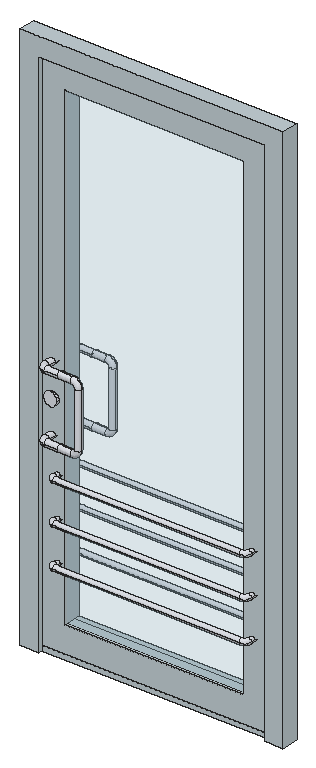
Revit family "AC_ДверьВитражная_Однопольная_Алюминиевая", category Двери, Revit 2019
Family settings
  Номер OmniClass = 23.30.10.00
  Заголовок OmniClass = Doors
  Всегда вертикально = Да
  При загрузке вырезать с полостями = Нет
  Общий = Нет
  Точка расчета площади = Нет
Parameters (values of type "Остекленная Левая")
  Ширина [instance] = 1000.00 mm
  Функция = Наружные слои
  Угол открывания 30 [instance] = no
  Толщина = 50.00 mm
  Тип полотна = АС-Полотно : Остекленное
  Ручка двери = ADSK_Металл_Окрашенный_Белый матовый
  Рама_Ширина_Справа = 100.00 mm
  Рама_Ширина_Снизу = 100.00 mm
  Рама_Ширина_Слева = 100.00 mm
  Рама_Ширина_Сверху = 100.00 mm
  Рама двери = ADSK_Металл_Алюминий
  Правая = no
  Порог_Высота = 20.00 mm
  Полотно_Ширина [instance] = Ширина - Коробка_Ширина * 2  # 880.00 mm
  Полотно_Высота [instance] = Высота - Коробка_Ширина - Порог_Высота  # 2020.00 mm
  Панель двери = ADSK_Металл_Алюминий
  Остекление двери = ADSK_Стекло_Прозрачное бесцветное
  Описание = "Дверь алюминиевая остекленная наружная"
  Аналитическая конструкция = "<Нет>"
  ADSK_Обозначение = "ГОСТ 23747-2015"
  ADSK_Наименование = "ДAН О П Оп Л Р"
  Левая = not(Правая)  # yes
  Коробка_Ширина = 60.00 mm
  Коробка_Толщина = 65.00 mm
  Инструкция по семейству [instance] = ""
  Защитное ограждение = yes
  Высота [instance] = 2100.00 mm
  ADSK_Этаж [instance] = ""
  ADSK_Примечание [instance] = ""
  ADSK_Предел огнестойкости = ""
  ADSK_Позиция [instance] = ""
  ADSK_Открывание = if(Правая, "Правая", "Левая")  # "Левая"
  ADSK_Наименование краткое = ""
  ADSK_Масса_Текст = ""
  ADSK_Количество [instance] = 0
  ADSK_Код изделия = ""
  ADSK_Зона [instance] = ""
  ADSK_Завод-изготовитель = ""
  ADSK_Единица измерения = ""
  ADSK_Группирование [instance] = ""
  ADSK_Версия семейства = "1.0"  # constant formula
  ADSK_Версия Revit = "v2019"  # constant formula
  ADSK_URL страницы изделия = ""
  ADSK_URL документации изделия = ""
Types (2, lengths in mm): name | Правая | ADSK_Наименование | Левая | Инструкция по семейству | ADSK_Открывание
  Остекленная Правая | yes | "ДAН О П Оп Пр Р" | no | "http://communities.autodesk.com/cis/doors.description" | "Правая"
  Остекленная Левая | no | "ДAН О П Оп Л Р" | yes | "" | "Левая"
Reference planes
  plane 1 "По центру (Вперед/Назад)": y = 0
  plane 2: z = 0
  plane 3 "По центру (Влево/Вправо)": x = 82.523
  plane 4: x = -417.477
  plane 5: x = 582.523
  plane 6 "Верх": z = 2100
  plane 7: y = 32.5
  plane 8: y = -32.5
  plane 9: x = -357.477
  plane 10: x = 522.523
  plane 11: y = -17.5
  plane 12: z = 2040
  plane 13: z = 20
  plane 14: z = 1050
Forms (mm)
  Sweep 1, solid, material "ADSK_Металл_Алюминий" <- "Панель двери"
    path origin (0, 0, 0) x (1, 0, 0) y (0, 0, 1)
      loop
        line (-417.477, 0) -> (-417.477, 2100) -> (582.523, 2100) -> (582.523, 0)
    profile origin (582.523, 0, 1050) x (0, -1, 0) y (1, 0, 0)
      loop
        line (32.5, 0) -> (-32.5, 0) -> (-32.5, -60) -> (17.5, -60) -> (17.5, -70) -> (32.5, -70) -> (32.5, 0)
  Extrusion 2, solid, material "ADSK_Металл_Алюминий" <- "Панель двери", detail levels coarse
    sketch origin (0, 0, 0) x (1, 0, 0) y (0, 1, 0)
      loop
        line (-417.477, -32.5) -> (582.523, -32.5) -> (582.523, 32.5) -> (-417.477, 32.5) -> (-417.477, -32.5)
    from 0 to 2100
  Extrusion 3, solid, material "ADSK_Металл_Алюминий" <- "Панель двери"
    sketch origin (0, 0, 0) x (1, 0, 0) y (0, 0, 1)
      loop
        line (-357.477, 20) -> (-357.477, 0) -> (522.523, 0) -> (522.523, 20) -> (-357.477, 20)
    from -32.5 to 17.5
Lines and regions (mm)
  Masking region 1, detail levels medium+fine
    outline origin (82.523, 0, 0) x (0, 1, 0) y (0, 0, 1)
      loop
        line (-17.5, 2040) -> (32.5, 2040) -> (32.5, 2100) -> (-32.5, 2100) -> (-32.5, 2030) -> (-17.5, 2030) -> (-17.5, 2040)
  Masking region 2, detail levels medium+fine
    outline origin (82.523, 0, 0) x (0, 1, 0) y (0, 0, 1)
      loop
        line (-32.5, 0) -> (32.5, 0) -> (32.5, 20) -> (-17.5, 20) -> (-17.5, 30) -> (-32.5, 30) -> (-32.5, 0)
  Masking region 3, detail levels medium+fine
    outline origin (82.523, 0, 0) x (0, 1, 0) y (0, 0, 1)
      loop
        line (-17.5, 20) -> (32.5, 20) -> (32.5, 2040) -> (-17.5, 2040) -> (-17.5, 20)
  Masking region 4, detail levels coarse
    outline origin (82.523, 0, 0) x (0, 1, 0) y (0, 0, 1)
      loop
        line (32.5, 0) -> (32.5, 2100) -> (-32.5, 2100) -> (-32.5, 0) -> (32.5, 0)
  symbolic lines, style "DoorsFrameMullionProjection", detail levels medium+fine
    curve 1: line (82.523, -32.5, 2030) -> (82.523, -32.5, 30)
  symbolic lines, style "Открывание", visible <- "Левая", detail levels medium
    curve 2: line (522.523, 0, 2040) -> (-357.477, 0, 1050)
    curve 3: line (522.523, 0, 20) -> (-357.477, 0, 1050)
  symbolic lines, style "Открывание", visible <- "Правая", detail levels medium
    curve 4: line (-357.477, 0, 2040) -> (522.523, 0, 1050)
    curve 5: line (-357.477, 0, 20) -> (522.523, 0, 1050)
Text (mm)
  text "Наружный" at (-1161.5, 797.241, 0), in view "Опорный уровень "
Dimensions and locks
  equal spacing: plane 4, plane 3 "По центру (Влево/Вправо)", plane 5  (x2)
  "Ширина": plane 4 to plane 5
  equal spacing: plane 7, plane 1 "По центру (Вперед/Назад)", plane 8
  "Коробка_Толщина": plane 7 to plane 8
  "Коробка_Ширина": plane 4 to plane 9
  "Коробка_Ширина": plane 10 to plane 5
  "Толщина": plane 7 to plane 11
  "Высота": plane 6 "Верх" to plane 2
  "Коробка_Ширина": plane 12 to plane 6 "Верх"
  "Порог_Высота": plane 2 to plane 13
  locked: Sweep 1 sketch curve to plane 10 at 10
  equal spacing: plane 2, plane 14, plane 6 "Верх"
  aligned and locked: level to plane 2
  aligned and locked: nested 1 to plane 7
  aligned and locked: plane 7 to nested 2
  aligned and locked: nested 2 to plane 5
  aligned and locked: nested 2 to plane 4
  aligned and locked: nested 1 to plane 4
  aligned and locked: nested 1 to plane 5
  aligned and locked: plane 5 to Sweep 1 sketch curve
  aligned and locked: plane 4 to Sweep 1 sketch curve
  aligned and locked: plane 6 "Верх" to Sweep 1 sketch curve
  aligned and locked: profile plane to Sweep 1 sketch curve
  aligned and locked: plane 7 to Sweep 1 sketch curve
  aligned and locked: plane 8 to Sweep 1 sketch curve
  aligned and locked: plane 10 to Sweep 1 sketch curve
  aligned and locked: plane 11 to Sweep 1 sketch curve
  aligned and locked: Extrusion 2 sketch curve to plane 4
  aligned and locked: Extrusion 2 sketch curve to plane 5
  aligned and locked: Extrusion 2 sketch curve to plane 7
  aligned and locked: Extrusion 2 sketch curve to plane 8
  aligned and locked: Extrusion 2 to plane 6 "Верх"
  aligned and locked: nested 3 to plane 13
  aligned and locked: nested 3 to plane 7
  aligned and locked: nested 4 to plane 7
  aligned and locked: nested 4 to plane 4
  aligned and locked: plane 7 to nested 5
  aligned and locked: nested 5 to plane 5
  aligned and locked: Masking region 1 sketch curve to Sweep 1  (x2)
  aligned and locked: Sweep 1 to Masking region 1 sketch curve
  aligned and locked: plane 8 to Masking region 1 sketch curve
  aligned and locked: plane 6 "Верх" to Masking region 1 sketch curve
  aligned and locked: plane 7 to Masking region 1 sketch curve
  aligned and locked: plane 8 to Masking region 2 sketch curve
  aligned and locked: plane 2 to Masking region 2 sketch curve
  aligned and locked: plane 7 to Masking region 2 sketch curve
  aligned and locked: plane 13 to Masking region 2 sketch curve
  aligned and locked: plane 11 to Masking region 2 sketch curve
  aligned and locked: plane 11 to Masking region 3 sketch curve
  aligned and locked: plane 7 to Masking region 3 sketch curve
  aligned and locked: plane 13 to Masking region 3 sketch curve
  aligned and locked: plane 12 to Masking region 3 sketch curve
  aligned and locked: plane 7 to Masking region 4 sketch curve
  aligned and locked: plane 8 to Masking region 4 sketch curve
  aligned and locked: plane 6 "Верх" to Masking region 4 sketch curve
  aligned and locked: plane 2 to Masking region 4 sketch curve
  aligned and locked: plane 9 to nested 3
  aligned and locked: Sweep 1 to curve 1  (x2)
  aligned and locked: curve 3 to Sweep 1
  aligned and locked: plane 12 to curve 2
  aligned and locked: plane 10 to curve 2
  aligned and locked: plane 14 to curve 2
  aligned and locked: plane 9 to curve 3
  aligned and locked: plane 13 to curve 3
  aligned and locked: Sweep 1 to curve 4
  aligned and locked: nested 3 to curve 4
  aligned and locked: Sweep 1 to curve 5
  aligned and locked: Extrusion 3 sketch curve to plane 13
  aligned and locked: plane 2 to Extrusion 3 sketch curve
  aligned and locked: plane 9 to Extrusion 3 sketch curve
  aligned and locked: Extrusion 3 sketch curve to plane 10
  aligned and locked: plane 7 to Extrusion 3
  aligned and locked: Extrusion 3 to plane 11
Automatic sketch dimensions
  curve 5 to plane 13 = 0.00 mm
  curve 5 to plane 14 = 0.00 mm
  curve 4 to plane 12 = 0.00 mm
  Sweep 1 sketch curve to level = 0.00 mm  (x2)
  plane 13 to curve 1 = 10.00 mm
  plane 13 to Masking region 2 sketch curve = 10.00 mm
Nested families
  nested 1: "АС-Навесная-Однопольная-Обозначение на плане" at (82.523, 32.5, 0), Height <- "Высота", Width <- "Ширина", Толщина <- "Толщина", Коробка.Толщина <- "Коробка_Толщина", visible <- "Левая", Полотно.Ширина <- "Полотно_Ширина", type "АС-Стандарт"
    with built-in parameter 1001301 1000.00 mm, Толщина 50.00 mm, built-in parameter 1001305 960.00 mm, Полотно.Ширина 880.00 mm, Коробка.Толщина 65.00 mm, built-in parameter 1001300 2100.00 mm
  nested 2: "АС-Навесная-Однопольная-Обозначение на плане" at (82.523, 32.5, 0) x (-1, 0, 0) z (0, 0, 1), Height <- "Высота", Width <- "Ширина", Толщина <- "Толщина", Коробка.Толщина <- "Коробка_Толщина", visible <- "Правая", Полотно.Ширина <- "Полотно_Ширина", type "АС-Стандарт"
    with built-in parameter 1001301 1000.00 mm, Толщина 50.00 mm, built-in parameter 1001305 960.00 mm, Полотно.Ширина 880.00 mm, Коробка.Толщина 65.00 mm, built-in parameter 1001300 2100.00 mm
  nested 3: "АС-Полотно" at (82.523, 32.5, 20), Остекление двери <- "Остекление двери", Полотно двери <- "Панель двери", Фурнитура <- "Ручка двери", Полотно двери.Толщина <- "Толщина", Рама.Ширина справа <- "Рама_Ширина_Справа", Рама.Ширина слева <- "Рама_Ширина_Слева", Рама.Ширина внизу <- "Рама_Ширина_Снизу", Рама.Ширина вверху <- "Рама_Ширина_Сверху", Полотно двери.Ширина <- "Полотно_Ширина", Полотно двери.Высота <- "Полотно_Высота", Защитные ограждения <- "Защитное ограждение", type <- "Тип полотна", type "Остекленное"
    with Фурнитура ADSK_Металл_Окрашенный_Белый матовый, Рама.Ширина справа 100.00 mm, Рама.Ширина слева 100.00 mm, Рама.Ширина внизу 100.00 mm, Рама.Ширина вверху 100.00 mm, Полотно двери.Ширина 880.00 mm, Полотно двери.Толщина 50.00 mm, Полотно двери.Высота 2020.00 mm, Полотно двери ADSK_Металл_Алюминий, Остекление двери ADSK_Стекло_Прозрачное бесцветное, Защитные ограждения yes, Остекленная yes, Защитное ограждение.Высота расположения 600.00 mm, Глухая no
  nested 4: "АС-Ручка двери" at (-417.477, 32.5, 0), Ручка двери <- "Ручка двери", Полотно двери.Толщина <- "Толщина", visible <- "Левая", type "АС-Стандарт"
    with Ручка двери ADSK_Металл_Окрашенный_Белый матовый, Полотно двери.Толщина 50.00 mm, Отступ ручки от края 110.00 mm, Высота расположения ручки 1000.00 mm
  nested 5: "АС-Ручка двери" at (582.523, 32.5, 0) x (-1, 0, 0) z (0, 0, 1), Ручка двери <- "Ручка двери", Полотно двери.Толщина <- "Толщина", visible <- "Правая", type "АС-Стандарт"
    with Ручка двери ADSK_Металл_Окрашенный_Белый матовый, Полотно двери.Толщина 50.00 mm, Отступ ручки от края 110.00 mm, Высота расположения ручки 1000.00 mm
Definition of nested family "АС-Полотно"
  Parameters
    Фурнитура [instance] = none
    Рама.Ширина справа [instance] = 100.00 mm
    Рама.Ширина слева [instance] = 100.00 mm
    Рама.Ширина внизу [instance] = 100.00 mm
    Рама.Ширина вверху [instance] = 100.00 mm
    Остекленная = not(Глухая)  # no
    Полотно двери.Ширина [instance] = 900.00 mm
    Полотно двери.Толщина [instance] = 50.00 mm
    Полотно двери.Высота [instance] = 2400.00 mm
    Полотно двери [instance] = none
    Защитное ограждение.Высота расположения = 650.00 mm
    Глухая = yes
    Остекление двери [instance] = none
    Защитные ограждения [instance] = no
    Default Elevation = 0.00 mm
  Reference planes
    plane 1 "Center (Front/Back)": y = 0
    plane 2: z = 0
    plane 3 "Center (Left/Right)": x = 0
    plane 4: x = -450
    plane 5: x = 450
    plane 6 "Back": y = -50
    plane 7: z = 2400
    plane 8 "Остекление снаружи": y = -8
    plane 9 "Остекление внутри": y = -42
    plane 10 "Ширина рамы справа": x = -350
    plane 11 "Ширина рамы слева": x = 350
    plane 12 "Ширина рамы внизу": z = 100
    plane 13 "Ширина рамы вверху": z = 2300
    plane 14: z = 650
    plane 15: z = 500
    plane 16: z = 350
  Forms (mm)
    Extrusion 1, solid, material <- "Остекление двери", visible <- "Остекленная", detail levels medium+fine
      sketch origin (-646.608, -8, 1200) x (-1, 0, 0) y (0, 0, 1)
        loop
          line (-296.608, 1100) -> (-996.608, 1100) -> (-996.608, -1100) -> (-296.608, -1100) -> (-296.608, 1100)
      from 0 to -34
    Sweep 2, solid, material <- "Фурнитура", visible <- "Защитные ограждения", detail levels medium+fine
      path origin (-858.179, -1524, 650) x (-1, 0, 0) y (0, -1, 0)
        loop
          arc (-478.179, -1459) -> (-482.572, -1448.393) -> (-493.179, -1444) r 15
          line (-493.179, -1444) -> (-1223.179, -1444)
          arc (-1223.179, -1444) -> (-1233.785, -1448.393) -> (-1238.179, -1459) r 15
          line (-1238.179, -1459) -> (-1238.179, -1554)
          arc (-1238.179, -1554) -> (-1233.785, -1564.607) -> (-1223.179, -1569) r 15
          line (-1223.179, -1569) -> (-493.179, -1569)
          arc (-493.179, -1569) -> (-482.572, -1564.607) -> (-478.179, -1554) r 15
          line (-478.179, -1554) -> (-478.179, -1459)
      profile origin (-380, -17.5, 650) x (-1, 0, 0) y (0, 0, 1)
        loop
          circle (0, 0) r 10
    Sweep 3, solid, material <- "Фурнитура", visible <- "Защитные ограждения", detail levels medium+fine
      path origin (-858.179, -1524, 500) x (-1, 0, 0) y (0, -1, 0)
        loop
          arc (-478.179, -1459) -> (-482.572, -1448.393) -> (-493.179, -1444) r 15
          line (-493.179, -1444) -> (-1223.179, -1444)
          arc (-1223.179, -1444) -> (-1233.785, -1448.393) -> (-1238.179, -1459) r 15
          line (-1238.179, -1459) -> (-1238.179, -1554)
          arc (-1238.179, -1554) -> (-1233.785, -1564.607) -> (-1223.179, -1569) r 15
          line (-1223.179, -1569) -> (-493.179, -1569)
          arc (-493.179, -1569) -> (-482.572, -1564.607) -> (-478.179, -1554) r 15
          line (-478.179, -1554) -> (-478.179, -1459)
      profile origin (-380, -17.5, 500) x (-1, 0, 0) y (0, 0, 1)
        loop
          circle (0, 0) r 10
    Sweep 4, solid, material <- "Фурнитура", visible <- "Защитные ограждения", detail levels medium+fine
      path origin (-858.179, -1524, 350) x (-1, 0, 0) y (0, -1, 0)
        loop
          arc (-478.179, -1459) -> (-482.572, -1448.393) -> (-493.179, -1444) r 15
          line (-493.179, -1444) -> (-1223.179, -1444)
          arc (-1223.179, -1444) -> (-1233.785, -1448.393) -> (-1238.179, -1459) r 15
          line (-1238.179, -1459) -> (-1238.179, -1554)
          arc (-1238.179, -1554) -> (-1233.785, -1564.607) -> (-1223.179, -1569) r 15
          line (-1223.179, -1569) -> (-493.179, -1569)
          arc (-493.179, -1569) -> (-482.572, -1564.607) -> (-478.179, -1554) r 15
          line (-478.179, -1554) -> (-478.179, -1459)
      profile origin (-380, -17.5, 350) x (-1, 0, 0) y (0, 0, 1)
        loop
          circle (0, 0) r 10
    Sweep 5, solid, material <- "Полотно двери", visible <- "Остекленная", detail levels medium+fine
      path origin (0, 0, 0) x (1, 0, 0) y (0, 0, 1)
        loop
          line (-450, 2400) -> (-450, 0) -> (450, 0) -> (450, 2400) -> (-450, 2400)
      profile origin (-450, 0, 1200) x (0, -1, 0) y (1, 0, 0)
        loop
          line (50, 0) -> (50, 100) -> (-15, 100) -> (-15, -15) -> (0, -15) -> (0, 0) -> (50, 0)
    Extrusion 6, solid, material <- "Полотно двери", visible <- "Глухая", detail levels medium+fine
      sketch origin (0, 0, 0) x (1, 0, 0) y (0, 0, 1)
        loop
          line (-450, 2400) -> (-450, 0) -> (450, 0) -> (450, 2400) -> (-450, 2400)
      from 0 to 50
    Extrusion 7, solid, material <- "Полотно двери", visible <- "Глухая", detail levels medium+fine
      sketch origin (0, 0, 0) x (1, 0, 0) y (0, 0, 1)
        loop
          line (465, 2415) -> (-465, 2415) -> (-465, -15) -> (465, -15) -> (465, 2415)
      from 0 to -15
  Cuts and joins
    joined: Extrusion 6, Extrusion 7
  Dimensions and locks
    "Полотно двери.Толщина": plane 1 "Center (Front/Back)" to plane 6 "Back"
    equal spacing: plane 4, plane 3 "Center (Left/Right)", plane 5
    "Полотно двери.Ширина": plane 4 to plane 5
    "Полотно двери.Высота": plane 7 to plane 2
    locked: plane 9 "Остекление внутри" to plane 6 "Back" at 8
    locked: plane 1 "Center (Front/Back)" to plane 8 "Остекление снаружи" at 8
    "Рама.Ширина вверху": plane 7 to plane 13 "Ширина рамы вверху"
    "Рама.Ширина внизу": plane 12 "Ширина рамы внизу" to plane 2
    "Рама.Ширина справа": plane 5 to plane 11 "Ширина рамы слева"
    "Рама.Ширина слева": plane 10 "Ширина рамы справа" to plane 4
    "Защитное ограждение.Высота расположения": plane 14 to plane 2
    plane 14 to plane 15 to plane 16 = 150.00 mm locked, 150.00 mm locked
    locked: Extrusion 7 to Sweep 2 sketch curve at 30
    locked: Sweep 2 sketch curve to profile plane at 0
    locked: profile plane to Sweep 2 sketch curve at 0
    locked: Sweep 2 sketch curve to plane 6 "Back" at 30
    locked: Sweep 3 sketch curve to profile plane at 0
    locked: profile plane to Sweep 3 sketch curve at 0
    locked: Sweep 3 sketch curve to plane 6 "Back" at 30
    locked: plane 1 "Center (Front/Back)" to Sweep 3 sketch curve at 45
    locked: Sweep 4 sketch curve to profile plane at 0
    locked: profile plane to Sweep 4 sketch curve at 0
    locked: Sweep 4 sketch curve to plane 6 "Back" at 30
    locked: plane 1 "Center (Front/Back)" to Sweep 4 sketch curve at 45
    plane 7 to plane 2 = 2400.00 mm
    locked: Sweep 2 sketch curve to plane 10 "Ширина рамы справа" at 30
    locked: plane 11 "Ширина рамы слева" to Sweep 2 sketch curve at 30
    locked: plane 11 "Ширина рамы слева" to Sweep 3 sketch curve at 30
    locked: Sweep 3 sketch curve to plane 10 "Ширина рамы справа" at 30
    locked: Sweep 4 sketch curve to plane 10 "Ширина рамы справа" at 30
    locked: plane 11 "Ширина рамы слева" to Sweep 4 sketch curve at 30
    locked: Sweep 2 sketch curve to Sweep 2 sketch curve at 15  (x8)
    locked: Sweep 3 sketch curve to Sweep 3 sketch curve at 15  (x8)
    locked: Sweep 4 sketch curve to Sweep 4 sketch curve at 15  (x8)
    locked: plane 1 "Center (Front/Back)" to Sweep 5 sketch curve at 15
    locked: Sweep 5 sketch curve to plane 4 at 15
    aligned and locked: level to plane 2
    aligned and locked: Extrusion 1 sketch curve to plane 10 "Ширина рамы справа"
    aligned and locked: Extrusion 1 sketch curve to plane 11 "Ширина рамы слева"
    aligned and locked: plane 13 "Ширина рамы вверху" to Extrusion 1 sketch curve
    aligned and locked: plane 12 "Ширина рамы внизу" to Extrusion 1 sketch curve
    aligned and locked: Extrusion 1 to plane 8 "Остекление снаружи"
    aligned and locked: Extrusion 1 to plane 9 "Остекление внутри"
    aligned and locked: Sweep 5 sketch curve to plane 4
    aligned and locked: Sweep 5 sketch curve to plane 5
    aligned and locked: Sweep 5 sketch curve to plane 2
    aligned and locked: Sweep 5 sketch curve to plane 7
    aligned and locked: plane 6 "Back" to Sweep 5 sketch curve
    aligned and locked: plane 10 "Ширина рамы справа" to Sweep 5 sketch curve
    aligned and locked: plane 4 to Sweep 5 sketch curve
    aligned and locked: plane 1 "Center (Front/Back)" to Sweep 5 sketch curve
    aligned and locked: Extrusion 6 sketch curve to plane 4
    aligned and locked: Extrusion 6 sketch curve to plane 5
    aligned and locked: Extrusion 6 sketch curve to plane 2
    aligned and locked: Extrusion 6 sketch curve to plane 7
    aligned and locked: Extrusion 7 sketch curve to Sweep 5  (x4)
    aligned and locked: Extrusion 6 to plane 6 "Back"
    aligned and locked: Extrusion 7 to Sweep 5
  Automatic sketch dimensions
    radius of Sweep 2 sketch curve = 10.00 mm
    radius of Sweep 3 sketch curve = 10.00 mm
    radius of Sweep 4 sketch curve = 10.00 mm
Definition of nested family "АС-Ручка двери"
  Parameters
    Ручка двери [instance] = none
    Полотно двери.Толщина [instance] = 90.00 mm
    Отступ ручки от края = 90.00 mm
    Высота расположения ручки = 900.00 mm
    Default Elevation = 0.00 mm
  Reference planes
    plane 1 "Наружная сторона полотна": y = 0
    plane 2: z = 0
    plane 3 "Край полотна": x = 0
    plane 4 "Вертикаль расположения": x = 90
    plane 5 "Горизонталь расположения": z = 900
    plane 6 "Внутренняя сторона полотна": y = -90
    plane 7: z = 650
    plane 8: y = 65
    plane 9: y = -140
  Forms (mm)
    Sweep 1, solid, material <- "Ручка двери", detail levels fine
      path origin (0, 0, 900) x (1, 0, 0) y (0, 1, 0)
        loop
          line (160, 65) -> (110, 65)
          arc (110, 65) -> (95.858, 59.142) -> (90, 45) r 20
          line (90, 45) -> (90, -120)
          arc (90, -120) -> (95.858, -134.142) -> (110, -140) r 20
          line (110, -140) -> (160, -140)
      profile origin (90, -37.5, 900) x (1, 0, 0) y (0, 0, 1)
        loop
          circle (0, 0) r 12
    Extrusion 2, solid, material <- "Ручка двери", detail levels fine
      sketch origin (0, 0, 0) x (1, 0, 0) y (0, 0, 1)
        loop
          circle (90, 775) r 25
      from 98 to -23
    Sweep 3, solid, material <- "Ручка двери", detail levels fine
      path origin (592.846, -30.48, 650) x (1, 0, 0) y (0, 1, 0)
        loop
          line (-432.846, 95.48) -> (-482.846, 95.48)
          arc (-482.846, 95.48) -> (-496.988, 89.622) -> (-502.846, 75.48) r 20
          line (-502.846, 75.48) -> (-502.846, -89.52)
          arc (-502.846, -89.52) -> (-496.988, -103.662) -> (-482.846, -109.52) r 20
          line (-482.846, -109.52) -> (-432.846, -109.52)
      profile origin (90, -37.5, 650) x (1, 0, 0) y (0, 0, 1)
        loop
          circle (0, 0) r 12
    Sweep 4, solid, material <- "Ручка двери", detail levels fine
      path origin (160, 65, 1200) x (1, 0, 0) y (0, 0, 1)
        loop
          line (0, -300) -> (50, -300)
          arc (50, -300) -> (64.142, -305.858) -> (70, -320) r 20
          line (70, -320) -> (70, -530)
          arc (70, -530) -> (64.142, -544.142) -> (50, -550) r 20
          line (50, -550) -> (0, -550)
      profile origin (185, 65, 900) x (0, 0, 1) y (0, -1, 0)
        loop
          circle (0, 0) r 12
    Sweep 5, solid, material <- "Ручка двери", detail levels fine
      path origin (160, -140, 1200) x (1, 0, 0) y (0, 0, 1)
        loop
          line (0, -300) -> (50, -300)
          arc (50, -300) -> (64.142, -305.858) -> (70, -320) r 20
          line (70, -320) -> (70, -530)
          arc (70, -530) -> (64.142, -544.142) -> (50, -550) r 20
          line (50, -550) -> (0, -550)
      profile origin (185, -140, 900) x (0, 0, 1) y (0, -1, 0)
        loop
          circle (0, 0) r 12
  Cuts and joins
    joined: Sweep 1, Sweep 3, Sweep 4, Sweep 5
  Dimensions and locks
    "Отступ ручки от края": plane 3 "Край полотна" to plane 4 "Вертикаль расположения"
    "Высота расположения ручки": plane 5 "Горизонталь расположения" to level
    "Полотно двери.Толщина": plane 1 "Наружная сторона полотна" to plane 6 "Внутренняя сторона полотна"
    locked: plane 1 "Наружная сторона полотна" to Extrusion 2 at 23
    locked: plane 6 "Внутренняя сторона полотна" to Extrusion 2 at 8
    locked: Extrusion 2 sketch curve to plane 5 "Горизонталь расположения" at 125
    locked: Extrusion 2 sketch curve to plane 4 "Вертикаль расположения"
    locked: plane 1 "Наружная сторона полотна" to Sweep 1 sketch curve at 65
    locked: plane 6 "Внутренняя сторона полотна" to Sweep 1 sketch curve at 50
    locked: plane 4 "Вертикаль расположения" to Sweep 1 sketch curve at 70  (x2)
    locked: Sweep 1 sketch curve to plane 5 "Горизонталь расположения"
    locked: plane 4 "Вертикаль расположения" to Sweep 1 sketch curve at 0
    locked: plane 1 "Наружная сторона полотна" to Sweep 3 sketch curve at 65
    locked: plane 6 "Внутренняя сторона полотна" to Sweep 3 sketch curve at 50
    locked: plane 4 "Вертикаль расположения" to Sweep 3 sketch curve at 70  (x2)
    locked: plane 7 to plane 5 "Горизонталь расположения" at 250
    locked: plane 8 to plane 1 "Наружная сторона полотна" at 65
    locked: plane 9 to plane 6 "Внутренняя сторона полотна" at 50
    locked: Sweep 4 sketch curve to plane 4 "Вертикаль расположения" at 140
    locked: Sweep 5 sketch curve to plane 4 "Вертикаль расположения" at 140
    aligned and locked: Sweep 1 sketch curve to plane 4 "Вертикаль расположения"
    aligned and locked: Sweep 3 sketch curve to plane 4 "Вертикаль расположения"
    aligned and locked: plane 7 to Sweep 4 sketch curve
    aligned and locked: plane 5 "Горизонталь расположения" to Sweep 4 sketch curve
    aligned and locked: plane 5 "Горизонталь расположения" to Sweep 5 sketch curve
    aligned and locked: plane 7 to Sweep 5 sketch curve
  Automatic sketch dimensions
    plane 4 "Вертикаль расположения" to Sweep 1 sketch curve = 20.00 mm  (x2)
    plane 4 "Вертикаль расположения" to Sweep 3 sketch curve = 20.00 mm  (x2)
    Sweep 3 sketch curve to plane 7 = 0.00 mm
    profile plane to Sweep 3 sketch curve = 0.00 mm
    Sweep 4 sketch curve to Sweep 4 sketch curve = 20.00 mm
    Sweep 4 sketch curve to plane 5 "Горизонталь расположения" = 20.00 mm
    Sweep 4 sketch curve to Sweep 4 sketch curve = 50.00 mm  (x2)
    Sweep 4 sketch curve to plane 8 = 0.00 mm
    profile plane to Sweep 4 sketch curve = 0.00 mm
    profile plane to Sweep 5 sketch curve = 0.00 mm
    Sweep 5 sketch curve to profile plane = 0.00 mm
    plane 4 "Вертикаль расположения" to Sweep 5 sketch curve = 70.00 mm
    Sweep 5 sketch curve to Sweep 5 sketch curve = 50.00 mm  (x2)
    Sweep 5 sketch curve to plane 5 "Горизонталь расположения" = 20.00 mm
    radius of Sweep 1 sketch curve = 12.00 mm
    radius of Extrusion 2 sketch curve = 25.00 mm
    radius of Sweep 3 sketch curve = 12.00 mm
    radius of Sweep 4 sketch curve = 12.00 mm
    radius of Sweep 5 sketch curve = 12.00 mm
Definition of nested family "АС-Навесная-Однопольная-Обозначение на плане"
  Parameters
    Полотно.Ширина [instance] = 920.00 mm
    Открывание двери 90 = not(Открывание двери 30)  # yes
    Открывание двери 30 = no
    Линия открывания (дуга) = not(Открывание двери 30)  # yes
    Коробка.Толщина [instance] = 80.00 mm
    Width [instance] = 1000.00 mm
    Thickness [instance] = 40.00 mm
    Rough Width [instance] = 960.00 mm
    Height [instance] = 2100.00 mm
    Default Elevation = 0.00 mm
  Reference planes
    plane 1 "Center (Front/Back)": y = 0
    plane 2: z = 0
    plane 3 "Center (Left/Right)": x = 0
    plane 4 "Полотно.Слева": x = -500
    plane 5 "Полотно справа": x = 500
    plane 6 "Полотно. Внутренняя сторона": y = -40
    plane 7 "Коробка. Внутренняя сторона": y = -80
    plane 8 "Коробка.Внутренняя сторона слева": x = -460
    plane 9 "Коробка. Внутренняя сторона справа": x = 460
  Lines and regions (mm)
    Masking region 1, detail levels fine
      outline origin (0, 0, 0) x (1, 0, 0) y (0, 1, 0)
        loop
          line (-500, 0) -> (-500, -80) -> (-450, -80) -> (-450, -40) -> (-460, -40) -> (-460, 0) -> (-500, 0)
    Masking region 2, detail levels fine
      outline origin (0, 0, 0) x (1, 0, 0) y (0, 1, 0)
        loop
          line (500, 0) -> (460, 0) -> (460, -40) -> (450, -40) -> (450, -80) -> (500, -80) -> (500, 0)
    Masking region 3, visible <- "Открывание двери 90", detail levels fine
      outline origin (0, 0, 0) x (1, 0, 0) y (0, 1, 0)
        loop
          line (460, 0) -> (460, 920) -> (420, 920) -> (420, 0) -> (460, 0)
    Masking region 4, visible <- "Открывание двери 30", detail levels fine
      outline origin (0, 0, 0) x (1, 0, 0) y (0, 1, 0)
        loop
          line (460, 0) -> (-336.743, 460) -> (-356.743, 425.359) -> (440, -34.641) -> (460, 0)
    symbolic lines, visible <- "Открывание двери 30", detail levels coarse+medium
      curve 1: line (500, 0, 0) -> (-366.025, 500, 0)
    symbolic lines, visible <- "Открывание двери 90", detail levels coarse+medium
      curve 2: line (500, 0, 0) -> (500, 1000, 0)
      curve 5: arc (-500, 0, 0) -> (-207.107, 707.107, 0) -> (500, 1000, 0) r 1000
    symbolic lines, visible <- "Линия открывания (дуга)", detail levels fine
      curve 3: arc (-460, 0, 0) -> (-190.538, 650.538, 0) -> (460, 920, 0) r 920
    model lines
      curve 4: line (0, 0, 0) -> (0, 0, 2100)
  Dimensions and locks
    "Thickness": plane 1 "Center (Front/Back)" to plane 6 "Полотно. Внутренняя сторона"
    equal spacing: plane 4 "Полотно.Слева", plane 3 "Center (Left/Right)", plane 5 "Полотно справа"
    "Width": plane 4 "Полотно.Слева" to plane 5 "Полотно справа"
    plane 1 "Center (Front/Back)" to plane 7 "Коробка. Внутренняя сторона" = 80.00 mm
    "Коробка.Толщина": plane 7 "Коробка. Внутренняя сторона" to plane 1 "Center (Front/Back)"
    equal spacing: plane 8 "Коробка.Внутренняя сторона слева", plane 3 "Center (Left/Right)", plane 9 "Коробка. Внутренняя сторона справа"
    "Полотно.Ширина": plane 8 "Коробка.Внутренняя сторона слева" to plane 9 "Коробка. Внутренняя сторона справа"
    "Width": curve 1 to curve 1
    "Width": plane 1 "Center (Front/Back)" to curve 2
    locked: plane 8 "Коробка.Внутренняя сторона слева" to Masking region 1 sketch curve at 10
    locked: Masking region 2 sketch curve to Masking region 2 sketch curve at 10
    "Полотно.Ширина": plane 1 "Center (Front/Back)" to Masking region 3 sketch curve
    "Thickness": Masking region 3 sketch curve to plane 9 "Коробка. Внутренняя сторона справа"
    "Полотно.Ширина": Masking region 4 sketch curve to Masking region 4 sketch curve
    "Thickness": Masking region 4 sketch curve to Masking region 4 sketch curve
    "Height": curve 4 to level
    "Полотно.Ширина": radius of curve 3
    "Width": radius of curve 5
    locked: curve 1 to plane 1 "Center (Front/Back)" (angle 30.00°)
    locked: Masking region 4 sketch curve to plane 1 "Center (Front/Back)" (angle 30.00°)
    aligned and locked: level to plane 2
    aligned and locked: plane 1 "Center (Front/Back)" to curve 2
    aligned and locked: Masking region 1 sketch curve to plane 4 "Полотно.Слева"
    aligned and locked: Masking region 1 sketch curve to plane 8 "Коробка.Внутренняя сторона слева"
    aligned and locked: Masking region 1 sketch curve to plane 1 "Center (Front/Back)"
    aligned and locked: Masking region 1 sketch curve to plane 7 "Коробка. Внутренняя сторона"
    aligned and locked: Masking region 1 sketch curve to plane 6 "Полотно. Внутренняя сторона"
    aligned and locked: Masking region 2 sketch curve to plane 5 "Полотно справа"
    aligned and locked: Masking region 2 sketch curve to plane 9 "Коробка. Внутренняя сторона справа"
    aligned and locked: Masking region 2 sketch curve to plane 7 "Коробка. Внутренняя сторона"
    aligned and locked: Masking region 2 sketch curve to plane 6 "Полотно. Внутренняя сторона"
    aligned and locked: Masking region 2 sketch curve to plane 1 "Center (Front/Back)"
    aligned and locked: curve 3 to Masking region 1
    aligned and locked: plane 9 "Коробка. Внутренняя сторона справа" to curve 3
    aligned and locked: Masking region 2 to Masking region 3 sketch curve
    aligned and locked: Masking region 3 sketch curve to Masking region 2
    aligned and locked: plane 9 "Коробка. Внутренняя сторона справа" to Masking region 4 sketch curve
    aligned and locked: plane 2 to curve 4
    aligned and locked: plane 3 "Center (Left/Right)" to curve 4
    aligned and locked: plane 5 "Полотно справа" to curve 2
    aligned and locked: Masking region 1 to curve 5
  Automatic sketch dimensions
    plane 1 "Center (Front/Back)" to Masking region 4 sketch curve = 0.00 mm
